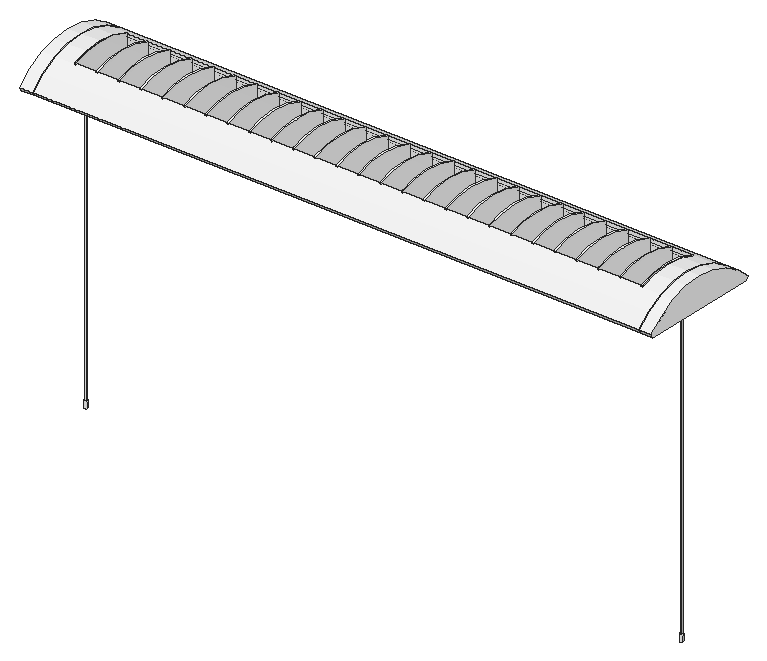
Revit family "Arcos-P-ID", category Lighting Fixtures, host Face, Revit 2014
Parameters (values of type "Arcos-P-ID-04")
  Wattage = 39 W
  Warranty = "5-Years Warranty"
  built-in parameter 1150110 = 1 (stored number, unit not read)
  Voltage = 120 V
  Type Comments = "Lighting Fixture"  # constant formula
  built-in parameter 1114217 = 1 (stored number, unit not read)
  Tilt Angle = -90.00°
  built-in parameter 1150109 = 1 (stored number, unit not read)
  built-in parameter 1150134 = (empty or 0)
  built-in parameter 1150113 = 1 (stored number, unit not read)
  Product Page URL = "https://www.hubbell.com/litecontrol/en/Products/Lighting-Controls/Commercial-Indoor-Lighting/Pendant-Lighting/Arcos-Pendant-IndirectDirect/p/277625"
  Product Documentation Link = "https://hubbellcdn.com/specsheet/59_p_id.pdf"
  Power Factor = 1
  Photometric Web File = "59-P-ID-04-PS-Cx-1T5HO.ies"
  Photometric Notes = "More IES files download on Photometric Link"  # constant formula
  Photometric Link = "https://www.hubbell.com/litecontrol/en/Products/Lighting-Controls/Commercial-Indoor-Lighting/Pendant-Lighting/Arcos-Pendant-IndirectDirect/p/277625"
  Pendant Height [instance] = 2' - 0"
  zz Length 1 = 4' - 0"
  Wattage Comments = ""
  URL = "https://www.hubbell.com/litecontrol/en/"
  Mounting = "Pendant"  # constant formula
  Model = "Arcos Indirect/Direct"  # constant formula
  Manufacturer = "Litecontrol Lighting"  # constant formula
  built-in parameter 1150105 = 369.32 (stored number, unit not read)
  Lumens = 4641 lm
  built-in parameter 1150115 = 1 (stored number, unit not read)
  Load Classification = Lighting
  built-in parameter 1150137 = (empty or 0)
  built-in parameter 1150139 = (empty or 0)
  built-in parameter 1150112 = 1 (stored number, unit not read)
  built-in parameter 1150114 = 1 (stored number, unit not read)
  Lamp = "Fluorescent"  # constant formula
  built-in parameter 1150132 = (empty or 0)
  built-in parameter 1150102 = (empty or 0)
  built-in parameter 1150107 = 3500 (stored number, unit not read)
  built-in parameter 1150138 = (empty or 0)
  built-in parameter 1150106 = 3.6932 (stored number, unit not read)
  Glass = Glass - Hubbell - White
  Fixture Distribution = "Indirect/Direct"  # constant formula
  Emit from Rectangle Width = zz Length 1 - 0' 2"  # 3' - 10"
  Emit from Rectangle Length = 0' - 4"  # constant formula
  Emit Shape Visible in Rendering = no
  built-in parameter 1150104 = 11.055 (stored number, unit not read)
  Dimming Lamp Color Temperature Shift = <None>
  Description = "Arcos ID is a high performance indirect direct fixture with a small-scale steel housing. Its contemporary curved shape complements any interior"  # constant formula
  Default Elevation = 4' - 0"
  Create Date = "05/16/2018"  # constant formula
  Copyright = "Copyright © 2017 Litecontrol"  # constant formula
  Contact Us = "https://www.hubbell.com/litecontrol/en/contactUs"
  Color Filter = 16777215
  built-in parameter 1114218 = 1 (stored number, unit not read)
  Housing Material = Paint - Hubbell - Matte White
  built-in parameter 1150133 = 10 (stored number, unit not read)
  Assembly Code = "D5020210"
  Apparent Load = 0 VA
Types (3): name | zz Length 1 | Emit from Rectangle Width
  (no name) | 4' - 0" | 3' - 10"
  Arcos-P-ID-04 | 4' - 0" | 3' - 10"
  Arcos-P-ID-08 | 8' - 0" | 7' - 10"
Reference planes (in)
  plane 1 "Center (Front/Back)": y = 13.01342
  plane 2: z = 0
  plane 3 "Center (Left/Right)": x = 0
  plane 4: z = 24
  plane 5: x = -24
  plane 6: x = 24
  plane 7: x = -23.5625
  plane 8: x = 23.5625
  plane 9: z = 0.5
  plane 10: z = 24.5
Forms (in)
  Revolve 1, solid, material "Paint - Hubbell - Matte White" <- "Housing Material"
    sketch origin (-5.75, 13.01342, 0) x (-1, 0, 0) y (0, 0, 1)
      loop
        line (-29.3125, 24.5) -> (-29.3125, 0) -> (-29.1875, 0) -> (-29.1875, 0.5) -> (-29.25, 0.5) -> (-29.25, 23.5) -> (-29.1875, 23.5) -> (-29.1875, 24.5) -> (-29.3125, 24.5)
      axis (-29.3125, 24.5) -> (-29.3125, 0)
    angle from 0 to 360
  Revolve 2, solid, material "Paint - Hubbell - Matte White" <- "Housing Material"
    sketch origin (5.75, 13.01342, 0) x (1, 0, 0) y (0, 0, 1)
      loop
        line (-29.3125, 24.5) -> (-29.3125, 0) -> (-29.1875, 0) -> (-29.1875, 0.5) -> (-29.25, 0.5) -> (-29.25, 23.5) -> (-29.1875, 23.5) -> (-29.1875, 24.5) -> (-29.3125, 24.5)
      axis (-29.3125, 24.5) -> (-29.3125, 0)
    angle from 0 to 360
Dimensions and locks (in)
  "Pendant Height": plane 4 to level
  equal spacing: plane 6, plane 3 "Center (Left/Right)", plane 5
  "zz Length 1": plane 6 to plane 5
  locked: plane 9 to plane 2 at 0.5
  locked: plane 7 to plane 5 at 0.4375
  locked: plane 6 to plane 8 at 0.4375
  locked: plane 10 to plane 4 at 0.5
  aligned and locked: plane 2 to host face
  aligned and locked: level to host face
  aligned and locked: Revolve 1 sketch curve to Revolve 1 sketch curve
  aligned and locked: Revolve 1 sketch curve to plane 8
  aligned and locked: Revolve 1 sketch curve to level
  aligned and locked: plane 3 "Center (Left/Right)" to nested 1
  aligned and locked: plane 1 "Center (Front/Back)" to nested 1
  aligned and locked: Revolve 2 sketch curve to Revolve 2 sketch curve
  aligned and locked: plane 9 to Revolve 2
  aligned and locked: Revolve 1 to plane 9
  aligned and locked: plane 10 to imposter light
  aligned and locked: plane 3 "Center (Left/Right)" to imposter light
  aligned and locked: plane 1 "Center (Front/Back)" to imposter light
  aligned and locked: Revolve 2 sketch curve to plane 10
  aligned and locked: plane 10 to Revolve 1 sketch curve
Automatic sketch dimensions
  host sketch curve to host sketch curve = 8' - 0"  (x2)
  Revolve 2 sketch curve to plane 7 = 0' - 0"
  plane 9 to Revolve 2 sketch curve = 0' - 0"
  Revolve 2 sketch curve to level = 0' - 0"
  plane 7 to Revolve 2 sketch curve = 0' - 0 1/16"
  plane 7 to Revolve 2 sketch curve = 0' - 0 1/8"
  Revolve 2 sketch curve to Revolve 2 sketch curve = 0' - 0 1/16"
  plane 9 to Revolve 2 sketch curve = 0' - 0.66777"
  Revolve 2 sketch curve to Revolve 2 sketch curve = 0' - 9.83778"
  Revolve 2 sketch curve to plane 4 = 0' - 0 1/2"
  Revolve 1 sketch curve to plane 8 = 0' - 0"
  Revolve 1 sketch curve to plane 9 = 0' - 0"
  plane 8 to Revolve 1 sketch curve = 0' - 0 1/16"
  plane 8 to Revolve 1 sketch curve = 0' - 0 1/8"
  Revolve 1 sketch curve to Revolve 1 sketch curve = 0' - 0 1/16"
  plane 4 to Revolve 1 sketch curve = 0' - 0 1/2"
  Revolve 1 sketch curve to plane 9 = 0' - 0.66777"
  Revolve 1 sketch curve to Revolve 1 sketch curve = 0' - 9.83778"
Nested families (in)
  nested 1: "13L-P" at (-0.01104, 12.97343, 24), Glass <- "Glass", Backbox <- "Housing Material", Length <- "zz Length 1", type "13L-P"
    with Length 4' - 0", Glass Glass - Hubbell - White, Backbox Paint - Hubbell - Matte White, Array 27
Connectors (in)
  electrical at (0, 13.01342, 24), driven by "Load Classification", driven by "Voltage", driven by "Apparent Load", driven by "Power Factor"
    settings: on nested 1, index 1, voltage 120 V, apparent load 0 VA, apparent load phase1 0 VA, apparent load phase2 0 VA, apparent load phase3 0 VA, power factor 1, load classification "Lighting", number of poles 1, system type 30, power factor state 1, is connector primary yes, connector utility no, sub classification motor no, connector description "Èlectrical Connector"
Definition of nested family "13L-P"
  Parameters (values of type "13L-P")
    Wattage Comments = ""
    URL = ""
    Model = ""
    Manufacturer = ""
    Length [instance] = 4' - 0"
    Lamp = ""
    Glass [instance] = none
    Description = ""
    Default Elevation = 4' - 0"
    Backbox [instance] = none
    Array [instance] = Length / 0' 1 3/4"  # 27
    Apparent Load = 0 VA
  Reference planes (in)
    plane 1 "Center (Front/Back)": y = 0.03999
    plane 2: z = 0
    plane 3 "Center (Left/Right)": x = 0.01104
    plane 4: x = -24.98896
    plane 5: x = 25.01104
    plane 6: y = -4.74001
    plane 7: y = 4.81999
    plane 8: x = -22.48896
    plane 9: x = 22.51104
    plane 10: y = 2.53999
    plane 11: y = -2.46001
    plane 12: z = 2.375
    plane 13: x = -23.98896
    plane 14: x = 24.01104
    plane 15: x = -22.36396
    plane 16: x = 22.38604
  Forms (in)
    Extrusion 1, solid
      sketch origin (0, 0, 0.06357) x (1, 0, 0) y (0, 1, 0)
        loop
          line (-48, 48) -> (-48, -48) -> (48, -48) -> (48, 48) -> (-48, 48)
      from -0.06357 to -12.81105
    Extrusion 2, solid, material <- "Backbox"
      sketch origin (-23.48896, -180, 28.85133) x (0, 0, 1) y (0, -1, 0)
        loop
          arc (-28.56914, -184.81999) -> (-26.47633, -180.03999) -> (-28.56914, -175.25999) r 6.5052
          line (-28.56914, -175.25999) -> (-28.85133, -175.44215) -> (-28.85133, -184.63784) -> (-28.56914, -184.81999)
      from 47.5 to -0.5
    Extrusion 3, void
      sketch origin (0, 0, 0) x (1, 0, 0) y (0, 1, 0)
        loop
          line (-22.48896, 2.53999) -> (-22.48896, -2.46001) -> (22.51104, -2.46001) -> (22.51104, 2.53999) -> (-22.48896, 2.53999)
      from 0 to 3.125
    Extrusion 4, solid, material <- "Backbox"
      sketch origin (0.01104, 0, 0) x (0, 1, 0) y (0, 0, 1)
        loop
          line (4.63784, 0) -> (4.81999, 0.28219)
          arc (4.81999, 0.28219) -> (0.03999, 2.375) -> (-4.74001, 0.28219) r 6.5052
          line (-4.74001, 0.28219) -> (-4.55785, 0) -> (4.63784, 0)
      from -25 to -24
    Extrusion 5, solid, material <- "Glass"
      sketch origin (0.01104, 0, 0) x (0, 1, 0) y (0, 0, 1)
        loop
          line (2.53999, 1.46818) -> (2.53999, 1.64739)
          arc (2.53999, 1.64739) -> (0.04118, 2.21231) -> (-2.46001, 1.65798) r 5.86392
          line (-2.46001, 1.65798) -> (-2.46001, 1.49013)
          arc (-2.46001, 1.49013) -> (0.04251, 2.05231) -> (2.53999, 1.46818) r 5.73892
      from -22.5 to 22.5
    Extrusion 6, solid, material <- "Backbox"
      sketch origin (0.01104, 0, 0) x (0, 1, 0) y (0, 0, -1)
        loop
          line (4.63784, 0) -> (-4.55785, 0) -> (-4.74001, -0.28219)
          arc (-4.74001, -0.28219) -> (0.03999, -2.375) -> (4.81999, -0.28219) r 6.5052
          line (4.81999, -0.28219) -> (4.63784, 0)
      from -25 to -24
    Extrusion 7, solid, material <- "Backbox"
      sketch origin (1.01104, 0, 0) x (0, 1, 0) y (0, 0, 1)
        loop
          line (2.53999, 0.5) -> (2.53999, 1.87543)
          arc (2.53999, 1.87543) -> (0.03999, 2.375) -> (-2.46001, 1.87543) r 6.5052
          line (-2.46001, 1.87543) -> (-2.46001, 0.5) -> (2.53999, 0.5)
      from -23.5 to -23.375
    Extrusion 8, solid, material <- "Backbox"
      sketch origin (45.88604, 0, 0) x (0, 1, 0) y (0, 0, 1)
        loop
          line (2.53999, 0.5) -> (2.53999, 1.87543)
          arc (2.53999, 1.87543) -> (0.03999, 2.375) -> (-2.46001, 1.87543) r 6.5052
          line (-2.46001, 1.87543) -> (-2.46001, 0.5) -> (2.53999, 0.5)
      from -23.5 to -23.375
    Extrusion 9, solid, material <- "Backbox"
      sketch origin (2.737, 0, 0) x (0, 1, 0) y (0, 0, 1)
        loop
          line (2.53999, 0.5) -> (2.53999, 1.87543)
          arc (2.53999, 1.87543) -> (0.03999, 2.375) -> (-2.46001, 1.87543) r 6.5052
          line (-2.46001, 1.87543) -> (-2.46001, 0.5) -> (2.53999, 0.5)
      from -23.5 to -23.375
    Extrusion 10, solid, material <- "Backbox"
      sketch origin (4.46296, 0, 0) x (0, 1, 0) y (0, 0, 1)
        loop
          line (2.53999, 0.5) -> (2.53999, 1.87543)
          arc (2.53999, 1.87543) -> (0.03999, 2.375) -> (-2.46001, 1.87543) r 6.5052
          line (-2.46001, 1.87543) -> (-2.46001, 0.5) -> (2.53999, 0.5)
      from -23.5 to -23.375
    Extrusion 11, solid, material <- "Backbox"
      sketch origin (6.18893, 0, 0) x (0, 1, 0) y (0, 0, 1)
        loop
          line (2.53999, 0.5) -> (2.53999, 1.87543)
          arc (2.53999, 1.87543) -> (0.03999, 2.375) -> (-2.46001, 1.87543) r 6.5052
          line (-2.46001, 1.87543) -> (-2.46001, 0.5) -> (2.53999, 0.5)
      from -23.5 to -23.375
    Extrusion 12, solid, material <- "Backbox"
      sketch origin (7.91489, 0, 0) x (0, 1, 0) y (0, 0, 1)
        loop
          line (2.53999, 0.5) -> (2.53999, 1.87543)
          arc (2.53999, 1.87543) -> (0.03999, 2.375) -> (-2.46001, 1.87543) r 6.5052
          line (-2.46001, 1.87543) -> (-2.46001, 0.5) -> (2.53999, 0.5)
      from -23.5 to -23.375
    Extrusion 13, solid, material <- "Backbox"
      sketch origin (9.64085, 0, 0) x (0, 1, 0) y (0, 0, 1)
        loop
          line (2.53999, 0.5) -> (2.53999, 1.87543)
          arc (2.53999, 1.87543) -> (0.03999, 2.375) -> (-2.46001, 1.87543) r 6.5052
          line (-2.46001, 1.87543) -> (-2.46001, 0.5) -> (2.53999, 0.5)
      from -23.5 to -23.375
    Extrusion 14, solid, material <- "Backbox"
      sketch origin (11.36681, 0, 0) x (0, 1, 0) y (0, 0, 1)
        loop
          line (2.53999, 0.5) -> (2.53999, 1.87543)
          arc (2.53999, 1.87543) -> (0.03999, 2.375) -> (-2.46001, 1.87543) r 6.5052
          line (-2.46001, 1.87543) -> (-2.46001, 0.5) -> (2.53999, 0.5)
      from -23.5 to -23.375
    Extrusion 15, solid, material <- "Backbox"
      sketch origin (13.09277, 0, 0) x (0, 1, 0) y (0, 0, 1)
        loop
          line (2.53999, 0.5) -> (2.53999, 1.87543)
          arc (2.53999, 1.87543) -> (0.03999, 2.375) -> (-2.46001, 1.87543) r 6.5052
          line (-2.46001, 1.87543) -> (-2.46001, 0.5) -> (2.53999, 0.5)
      from -23.5 to -23.375
    Extrusion 16, solid, material <- "Backbox"
      sketch origin (14.81873, 0, 0) x (0, 1, 0) y (0, 0, 1)
        loop
          line (2.53999, 0.5) -> (2.53999, 1.87543)
          arc (2.53999, 1.87543) -> (0.03999, 2.375) -> (-2.46001, 1.87543) r 6.5052
          line (-2.46001, 1.87543) -> (-2.46001, 0.5) -> (2.53999, 0.5)
      from -23.5 to -23.375
    Extrusion 17, solid, material <- "Backbox"
      sketch origin (16.54469, 0, 0) x (0, 1, 0) y (0, 0, 1)
        loop
          line (2.53999, 0.5) -> (2.53999, 1.87543)
          arc (2.53999, 1.87543) -> (0.03999, 2.375) -> (-2.46001, 1.87543) r 6.5052
          line (-2.46001, 1.87543) -> (-2.46001, 0.5) -> (2.53999, 0.5)
      from -23.5 to -23.375
    Extrusion 18, solid, material <- "Backbox"
      sketch origin (18.27066, 0, 0) x (0, 1, 0) y (0, 0, 1)
        loop
          line (2.53999, 0.5) -> (2.53999, 1.87543)
          arc (2.53999, 1.87543) -> (0.03999, 2.375) -> (-2.46001, 1.87543) r 6.5052
          line (-2.46001, 1.87543) -> (-2.46001, 0.5) -> (2.53999, 0.5)
      from -23.5 to -23.375
    Extrusion 19, solid, material <- "Backbox"
      sketch origin (19.99662, 0, 0) x (0, 1, 0) y (0, 0, 1)
        loop
          line (2.53999, 0.5) -> (2.53999, 1.87543)
          arc (2.53999, 1.87543) -> (0.03999, 2.375) -> (-2.46001, 1.87543) r 6.5052
          line (-2.46001, 1.87543) -> (-2.46001, 0.5) -> (2.53999, 0.5)
      from -23.5 to -23.375
    Extrusion 20, solid, material <- "Backbox"
      sketch origin (21.72258, 0, 0) x (0, 1, 0) y (0, 0, 1)
        loop
          line (2.53999, 0.5) -> (2.53999, 1.87543)
          arc (2.53999, 1.87543) -> (0.03999, 2.375) -> (-2.46001, 1.87543) r 6.5052
          line (-2.46001, 1.87543) -> (-2.46001, 0.5) -> (2.53999, 0.5)
      from -23.5 to -23.375
    Extrusion 21, solid, material <- "Backbox"
      sketch origin (23.44854, 0, 0) x (0, 1, 0) y (0, 0, 1)
        loop
          line (2.53999, 0.5) -> (2.53999, 1.87543)
          arc (2.53999, 1.87543) -> (0.03999, 2.375) -> (-2.46001, 1.87543) r 6.5052
          line (-2.46001, 1.87543) -> (-2.46001, 0.5) -> (2.53999, 0.5)
      from -23.5 to -23.375
    Extrusion 22, solid, material <- "Backbox"
      sketch origin (25.1745, 0, 0) x (0, 1, 0) y (0, 0, 1)
        loop
          line (2.53999, 0.5) -> (2.53999, 1.87543)
          arc (2.53999, 1.87543) -> (0.03999, 2.375) -> (-2.46001, 1.87543) r 6.5052
          line (-2.46001, 1.87543) -> (-2.46001, 0.5) -> (2.53999, 0.5)
      from -23.5 to -23.375
    Extrusion 23, solid, material <- "Backbox"
      sketch origin (26.90046, 0, 0) x (0, 1, 0) y (0, 0, 1)
        loop
          line (2.53999, 0.5) -> (2.53999, 1.87543)
          arc (2.53999, 1.87543) -> (0.03999, 2.375) -> (-2.46001, 1.87543) r 6.5052
          line (-2.46001, 1.87543) -> (-2.46001, 0.5) -> (2.53999, 0.5)
      from -23.5 to -23.375
    Extrusion 24, solid, material <- "Backbox"
      sketch origin (28.62643, 0, 0) x (0, 1, 0) y (0, 0, 1)
        loop
          line (2.53999, 0.5) -> (2.53999, 1.87543)
          arc (2.53999, 1.87543) -> (0.03999, 2.375) -> (-2.46001, 1.87543) r 6.5052
          line (-2.46001, 1.87543) -> (-2.46001, 0.5) -> (2.53999, 0.5)
      from -23.5 to -23.375
    Extrusion 25, solid, material <- "Backbox"
      sketch origin (30.35239, 0, 0) x (0, 1, 0) y (0, 0, 1)
        loop
          line (2.53999, 0.5) -> (2.53999, 1.87543)
          arc (2.53999, 1.87543) -> (0.03999, 2.375) -> (-2.46001, 1.87543) r 6.5052
          line (-2.46001, 1.87543) -> (-2.46001, 0.5) -> (2.53999, 0.5)
      from -23.5 to -23.375
    Extrusion 26, solid, material <- "Backbox"
      sketch origin (32.07835, 0, 0) x (0, 1, 0) y (0, 0, 1)
        loop
          line (2.53999, 0.5) -> (2.53999, 1.87543)
          arc (2.53999, 1.87543) -> (0.03999, 2.375) -> (-2.46001, 1.87543) r 6.5052
          line (-2.46001, 1.87543) -> (-2.46001, 0.5) -> (2.53999, 0.5)
      from -23.5 to -23.375
    Extrusion 27, solid, material <- "Backbox"
      sketch origin (33.80431, 0, 0) x (0, 1, 0) y (0, 0, 1)
        loop
          line (2.53999, 0.5) -> (2.53999, 1.87543)
          arc (2.53999, 1.87543) -> (0.03999, 2.375) -> (-2.46001, 1.87543) r 6.5052
          line (-2.46001, 1.87543) -> (-2.46001, 0.5) -> (2.53999, 0.5)
      from -23.5 to -23.375
    Extrusion 28, solid, material <- "Backbox"
      sketch origin (35.53027, 0, 0) x (0, 1, 0) y (0, 0, 1)
        loop
          line (2.53999, 0.5) -> (2.53999, 1.87543)
          arc (2.53999, 1.87543) -> (0.03999, 2.375) -> (-2.46001, 1.87543) r 6.5052
          line (-2.46001, 1.87543) -> (-2.46001, 0.5) -> (2.53999, 0.5)
      from -23.5 to -23.375
    Extrusion 29, solid, material <- "Backbox"
      sketch origin (37.25623, 0, 0) x (0, 1, 0) y (0, 0, 1)
        loop
          line (2.53999, 0.5) -> (2.53999, 1.87543)
          arc (2.53999, 1.87543) -> (0.03999, 2.375) -> (-2.46001, 1.87543) r 6.5052
          line (-2.46001, 1.87543) -> (-2.46001, 0.5) -> (2.53999, 0.5)
      from -23.5 to -23.375
    Extrusion 30, solid, material <- "Backbox"
      sketch origin (38.98219, 0, 0) x (0, 1, 0) y (0, 0, 1)
        loop
          line (2.53999, 0.5) -> (2.53999, 1.87543)
          arc (2.53999, 1.87543) -> (0.03999, 2.375) -> (-2.46001, 1.87543) r 6.5052
          line (-2.46001, 1.87543) -> (-2.46001, 0.5) -> (2.53999, 0.5)
      from -23.5 to -23.375
    Extrusion 31, solid, material <- "Backbox"
      sketch origin (40.70816, 0, 0) x (0, 1, 0) y (0, 0, 1)
        loop
          line (2.53999, 0.5) -> (2.53999, 1.87543)
          arc (2.53999, 1.87543) -> (0.03999, 2.375) -> (-2.46001, 1.87543) r 6.5052
          line (-2.46001, 1.87543) -> (-2.46001, 0.5) -> (2.53999, 0.5)
      from -23.5 to -23.375
    Extrusion 32, solid, material <- "Backbox"
      sketch origin (42.43412, 0, 0) x (0, 1, 0) y (0, 0, 1)
        loop
          line (2.53999, 0.5) -> (2.53999, 1.87543)
          arc (2.53999, 1.87543) -> (0.03999, 2.375) -> (-2.46001, 1.87543) r 6.5052
          line (-2.46001, 1.87543) -> (-2.46001, 0.5) -> (2.53999, 0.5)
      from -23.5 to -23.375
    Extrusion 33, solid, material <- "Backbox"
      sketch origin (44.16008, 0, 0) x (0, 1, 0) y (0, 0, 1)
        loop
          line (2.53999, 0.5) -> (2.53999, 1.87543)
          arc (2.53999, 1.87543) -> (0.03999, 2.375) -> (-2.46001, 1.87543) r 6.5052
          line (-2.46001, 1.87543) -> (-2.46001, 0.5) -> (2.53999, 0.5)
      from -23.5 to -23.375
  Cuts and joins
    Extrusion 3 cuts Extrusion 2
    Extrusion 3 cuts Extrusion 4
  Dimensions and locks (in)
    plane 6 to plane 7 = 0' - 9.56"
    plane 6 to plane 1 "Center (Front/Back)" = 0' - 4.78"
    equal spacing: plane 7, plane 1 "Center (Front/Back)", plane 6
    equal spacing: plane 10, plane 1 "Center (Front/Back)", plane 11
    plane 12 to plane 2 = 0' - 2 3/8"
    "Length": plane 13 to plane 14
    equal spacing: plane 13, plane 3 "Center (Left/Right)", plane 14
    locked: plane 4 to plane 13 at 1
    locked: plane 14 to plane 5 at 1
    locked: plane 13 to plane 8 at 1.5
    locked: plane 9 to plane 14 at 1.5
    locked: plane 8 to plane 15 at 0.125
    locked: plane 16 to plane 9 at 0.125
    equal spacing: group 1, group 3, group 4, group 5, group 6, group 7, group 8, group 9, group 10, group 11, group 12, group 13, group 14, group 15, group 16, group 17, group 18, group 19, group 20, group 21, group 22, group 23, group 24, group 25, group 26, group 27, group 2  (x3)
    aligned and locked: plane 2 to Extrusion 1
    aligned and locked: Extrusion 3 sketch curve to plane 10
    aligned and locked: plane 8 to Extrusion 3 sketch curve
    aligned and locked: Extrusion 3 sketch curve to plane 11
    aligned and locked: Extrusion 3 sketch curve to plane 9
    aligned and locked: Extrusion 5 to plane 8
    aligned and locked: plane 9 to Extrusion 5
    aligned and locked: Extrusion 3 to level
    aligned and locked: Extrusion 4 to plane 4
    aligned and locked: Extrusion 4 to cut or joined group of Extrusion 2, Extrusion 3
    aligned and locked: plane 14 to Extrusion 6
    aligned and locked: plane 5 to Extrusion 6
    aligned and locked: plane 13 to cut or joined group of Extrusion 3, Extrusion 4
    aligned and locked: cut or joined group of Extrusion 2, Extrusion 3 to plane 14
    aligned and locked: Extrusion 7 to plane 8
    aligned and locked: plane 15 to Extrusion 7
    aligned and locked: plane 9 to Extrusion 8
  Automatic sketch dimensions
    Extrusion 1 sketch curve to Extrusion 1 sketch curve = 8' - 0"  (x2)
    Extrusion 2 sketch curve to plane 1 "Center (Front/Back)" = 0' - 0"
    Extrusion 2 sketch curve to level = 0' - 0"
    Extrusion 2 sketch curve to plane 6 = 0' - 0"
    Extrusion 2 sketch curve to plane 7 = 0' - 0"
    Extrusion 2 sketch curve to level = 0' - 4.1302"
    level to Extrusion 2 sketch curve = 0' - 0.28219"
    Extrusion 2 sketch curve to plane 7 = 0' - 0.18216"
    Extrusion 2 sketch curve to plane 6 = 0' - 0.18216"
    Extrusion 4 sketch curve to plane 6 = 0' - 0"
    Extrusion 4 sketch curve to level = 0' - 0"
    Extrusion 4 sketch curve to plane 1 "Center (Front/Back)" = 0' - 0"
    Extrusion 4 sketch curve to plane 7 = 0' - 0"
    Extrusion 4 sketch curve to plane 6 = 0' - 0.18216"
    Extrusion 4 sketch curve to plane 7 = 0' - 0.18216"
    Extrusion 4 sketch curve to level = 0' - 4.1302"
    level to Extrusion 4 sketch curve = 0' - 0.28219"
    Extrusion 5 sketch curve to plane 11 = 0' - 0"
    Extrusion 5 sketch curve to plane 10 = 0' - 0"
    plane 1 "Center (Front/Back)" to Extrusion 5 sketch curve = 0' - 0.02268"
    plane 1 "Center (Front/Back)" to Extrusion 5 sketch curve = 0' - 0.01123"
    Extrusion 5 sketch curve to level = 0' - 3.68655"
    Extrusion 5 sketch curve to Extrusion 5 sketch curve = 0' - 0.03496"
    Extrusion 5 sketch curve to plane 12 = 0' - 0.90682"
    Extrusion 5 sketch curve to Extrusion 5 sketch curve = 0' - 0.17921"
    Extrusion 6 sketch curve to plane 6 = 0' - 0"
    Extrusion 6 sketch curve to level = 0' - 0"
    Extrusion 6 sketch curve to plane 1 "Center (Front/Back)" = 0' - 0"
    Extrusion 6 sketch curve to plane 7 = 0' - 0"
    Extrusion 6 sketch curve to plane 6 = 0' - 0.18216"
    Extrusion 6 sketch curve to plane 7 = 0' - 0.18216"
    level to Extrusion 6 sketch curve = 0' - 0.28219"
    Extrusion 6 sketch curve to level = 0' - 4.1302"
    Extrusion 7 sketch curve to Extrusion 7 sketch curve = 0' - 2 1/2"
    Extrusion 7 sketch curve to Extrusion 7 sketch curve = 0' - 5"
    Extrusion 7 sketch curve to Extrusion 7 sketch curve = 0' - 4.6302"
    Extrusion 7 sketch curve to Extrusion 7 sketch curve = 0' - 1.37543"
    Extrusion 8 sketch curve to Extrusion 8 sketch curve = 0' - 2 1/2"
    Extrusion 8 sketch curve to Extrusion 8 sketch curve = 0' - 5"
    Extrusion 8 sketch curve to Extrusion 8 sketch curve = 0' - 4.6302"
    Extrusion 8 sketch curve to Extrusion 8 sketch curve = 0' - 1.37543"
    Extrusion 9 sketch curve to Extrusion 9 sketch curve = 0' - 2 1/2"
    Extrusion 9 sketch curve to Extrusion 9 sketch curve = 0' - 5"
    Extrusion 9 sketch curve to Extrusion 9 sketch curve = 0' - 4.6302"
    Extrusion 9 sketch curve to Extrusion 9 sketch curve = 0' - 1.37543"
    Extrusion 10 sketch curve to Extrusion 10 sketch curve = 0' - 2 1/2"
    Extrusion 10 sketch curve to Extrusion 10 sketch curve = 0' - 5"
    Extrusion 10 sketch curve to Extrusion 10 sketch curve = 0' - 4.6302"
    Extrusion 10 sketch curve to Extrusion 10 sketch curve = 0' - 1.37543"
    Extrusion 11 sketch curve to Extrusion 11 sketch curve = 0' - 2 1/2"
    Extrusion 11 sketch curve to Extrusion 11 sketch curve = 0' - 5"
    Extrusion 11 sketch curve to Extrusion 11 sketch curve = 0' - 4.6302"
    Extrusion 11 sketch curve to Extrusion 11 sketch curve = 0' - 1.37543"
    Extrusion 12 sketch curve to Extrusion 12 sketch curve = 0' - 2 1/2"
    Extrusion 12 sketch curve to Extrusion 12 sketch curve = 0' - 5"
    Extrusion 12 sketch curve to Extrusion 12 sketch curve = 0' - 4.6302"
    Extrusion 12 sketch curve to Extrusion 12 sketch curve = 0' - 1.37543"
    Extrusion 13 sketch curve to Extrusion 13 sketch curve = 0' - 2 1/2"
    Extrusion 13 sketch curve to Extrusion 13 sketch curve = 0' - 5"
    Extrusion 13 sketch curve to Extrusion 13 sketch curve = 0' - 4.6302"
    Extrusion 13 sketch curve to Extrusion 13 sketch curve = 0' - 1.37543"
    Extrusion 14 sketch curve to Extrusion 14 sketch curve = 0' - 2 1/2"
    Extrusion 14 sketch curve to Extrusion 14 sketch curve = 0' - 5"
    Extrusion 14 sketch curve to Extrusion 14 sketch curve = 0' - 4.6302"
    Extrusion 14 sketch curve to Extrusion 14 sketch curve = 0' - 1.37543"
    Extrusion 15 sketch curve to Extrusion 15 sketch curve = 0' - 2 1/2"
    Extrusion 15 sketch curve to Extrusion 15 sketch curve = 0' - 5"
    Extrusion 15 sketch curve to Extrusion 15 sketch curve = 0' - 4.6302"
    Extrusion 15 sketch curve to Extrusion 15 sketch curve = 0' - 1.37543"
    Extrusion 16 sketch curve to Extrusion 16 sketch curve = 0' - 2 1/2"
    Extrusion 16 sketch curve to Extrusion 16 sketch curve = 0' - 5"
    Extrusion 16 sketch curve to Extrusion 16 sketch curve = 0' - 4.6302"
    Extrusion 16 sketch curve to Extrusion 16 sketch curve = 0' - 1.37543"
    Extrusion 17 sketch curve to Extrusion 17 sketch curve = 0' - 2 1/2"
    Extrusion 17 sketch curve to Extrusion 17 sketch curve = 0' - 5"
    Extrusion 17 sketch curve to Extrusion 17 sketch curve = 0' - 4.6302"
    Extrusion 17 sketch curve to Extrusion 17 sketch curve = 0' - 1.37543"
    Extrusion 18 sketch curve to Extrusion 18 sketch curve = 0' - 2 1/2"
    Extrusion 18 sketch curve to Extrusion 18 sketch curve = 0' - 5"
    Extrusion 18 sketch curve to Extrusion 18 sketch curve = 0' - 4.6302"
    Extrusion 18 sketch curve to Extrusion 18 sketch curve = 0' - 1.37543"
    Extrusion 19 sketch curve to Extrusion 19 sketch curve = 0' - 2 1/2"
    Extrusion 19 sketch curve to Extrusion 19 sketch curve = 0' - 5"
    Extrusion 19 sketch curve to Extrusion 19 sketch curve = 0' - 4.6302"
    Extrusion 19 sketch curve to Extrusion 19 sketch curve = 0' - 1.37543"
    Extrusion 20 sketch curve to Extrusion 20 sketch curve = 0' - 2 1/2"
    Extrusion 20 sketch curve to Extrusion 20 sketch curve = 0' - 5"
    Extrusion 20 sketch curve to Extrusion 20 sketch curve = 0' - 4.6302"
    Extrusion 20 sketch curve to Extrusion 20 sketch curve = 0' - 1.37543"
    Extrusion 21 sketch curve to Extrusion 21 sketch curve = 0' - 2 1/2"
    Extrusion 21 sketch curve to Extrusion 21 sketch curve = 0' - 5"
    Extrusion 21 sketch curve to Extrusion 21 sketch curve = 0' - 4.6302"
    Extrusion 21 sketch curve to Extrusion 21 sketch curve = 0' - 1.37543"
    Extrusion 22 sketch curve to Extrusion 22 sketch curve = 0' - 2 1/2"
    Extrusion 22 sketch curve to Extrusion 22 sketch curve = 0' - 5"
    Extrusion 22 sketch curve to Extrusion 22 sketch curve = 0' - 4.6302"
    Extrusion 22 sketch curve to Extrusion 22 sketch curve = 0' - 1.37543"
    Extrusion 23 sketch curve to Extrusion 23 sketch curve = 0' - 2 1/2"
    Extrusion 23 sketch curve to Extrusion 23 sketch curve = 0' - 5"
    Extrusion 23 sketch curve to Extrusion 23 sketch curve = 0' - 4.6302"
    Extrusion 23 sketch curve to Extrusion 23 sketch curve = 0' - 1.37543"
    Extrusion 24 sketch curve to Extrusion 24 sketch curve = 0' - 2 1/2"
    Extrusion 24 sketch curve to Extrusion 24 sketch curve = 0' - 5"
    Extrusion 24 sketch curve to Extrusion 24 sketch curve = 0' - 4.6302"
    Extrusion 24 sketch curve to Extrusion 24 sketch curve = 0' - 1.37543"
    Extrusion 25 sketch curve to Extrusion 25 sketch curve = 0' - 2 1/2"
    Extrusion 25 sketch curve to Extrusion 25 sketch curve = 0' - 5"
    Extrusion 25 sketch curve to Extrusion 25 sketch curve = 0' - 4.6302"
    Extrusion 25 sketch curve to Extrusion 25 sketch curve = 0' - 1.37543"
    Extrusion 26 sketch curve to Extrusion 26 sketch curve = 0' - 2 1/2"
    Extrusion 26 sketch curve to Extrusion 26 sketch curve = 0' - 5"
    Extrusion 26 sketch curve to Extrusion 26 sketch curve = 0' - 4.6302"
    Extrusion 26 sketch curve to Extrusion 26 sketch curve = 0' - 1.37543"
    Extrusion 27 sketch curve to Extrusion 27 sketch curve = 0' - 2 1/2"
    Extrusion 27 sketch curve to Extrusion 27 sketch curve = 0' - 5"
    Extrusion 27 sketch curve to Extrusion 27 sketch curve = 0' - 4.6302"
    Extrusion 27 sketch curve to Extrusion 27 sketch curve = 0' - 1.37543"
    Extrusion 28 sketch curve to Extrusion 28 sketch curve = 0' - 2 1/2"
    Extrusion 28 sketch curve to Extrusion 28 sketch curve = 0' - 5"
    Extrusion 28 sketch curve to Extrusion 28 sketch curve = 0' - 4.6302"
    Extrusion 28 sketch curve to Extrusion 28 sketch curve = 0' - 1.37543"
    Extrusion 29 sketch curve to Extrusion 29 sketch curve = 0' - 2 1/2"
    Extrusion 29 sketch curve to Extrusion 29 sketch curve = 0' - 5"
    Extrusion 29 sketch curve to Extrusion 29 sketch curve = 0' - 4.6302"
    Extrusion 29 sketch curve to Extrusion 29 sketch curve = 0' - 1.37543"
    Extrusion 30 sketch curve to Extrusion 30 sketch curve = 0' - 2 1/2"
    Extrusion 30 sketch curve to Extrusion 30 sketch curve = 0' - 5"
    Extrusion 30 sketch curve to Extrusion 30 sketch curve = 0' - 4.6302"
    Extrusion 30 sketch curve to Extrusion 30 sketch curve = 0' - 1.37543"
    Extrusion 31 sketch curve to Extrusion 31 sketch curve = 0' - 2 1/2"
    Extrusion 31 sketch curve to Extrusion 31 sketch curve = 0' - 5"
    Extrusion 31 sketch curve to Extrusion 31 sketch curve = 0' - 4.6302"
    Extrusion 31 sketch curve to Extrusion 31 sketch curve = 0' - 1.37543"
    Extrusion 32 sketch curve to Extrusion 32 sketch curve = 0' - 2 1/2"
    Extrusion 32 sketch curve to Extrusion 32 sketch curve = 0' - 5"
    Extrusion 32 sketch curve to Extrusion 32 sketch curve = 0' - 4.6302"
    Extrusion 32 sketch curve to Extrusion 32 sketch curve = 0' - 1.37543"
    Extrusion 33 sketch curve to Extrusion 33 sketch curve = 0' - 2 1/2"
    Extrusion 33 sketch curve to Extrusion 33 sketch curve = 0' - 5"
    Extrusion 33 sketch curve to Extrusion 33 sketch curve = 0' - 4.6302"
    Extrusion 33 sketch curve to Extrusion 33 sketch curve = 0' - 1.37543"
